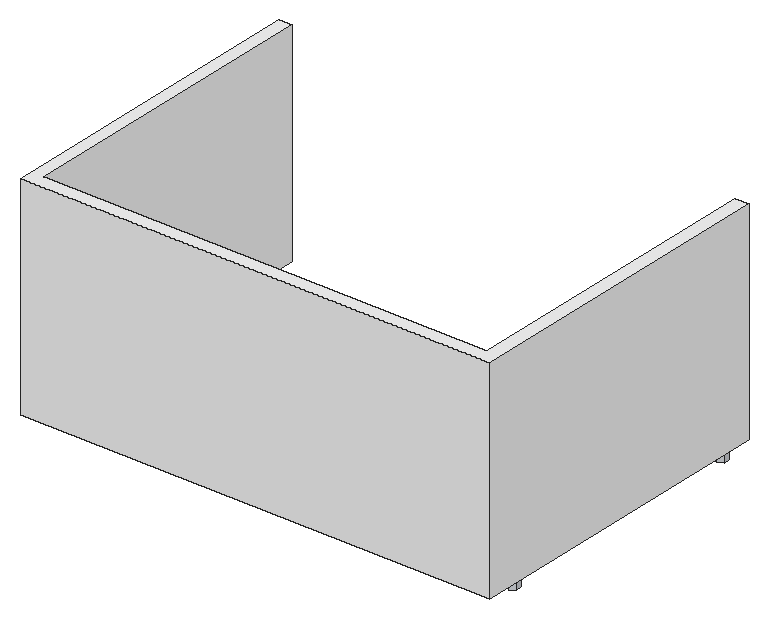
Revit family "WashbasinUnit-BoxFor60cmUnit-Vitra-İntegraSeries-65607", category Furniture Systems, host Face, Revit 2017
Family settings
  Host = Face
  Round Connector Dimension = Use Diameter
  Part Type = Normal
  OmniClass Number = 23.40.00.00
  OmniClass Title = Equipment and Furnishings
  Cut with Voids When Loaded = No
  Shared = Yes
  Room Calculation Point = No
Parameters (values of type "WashbasinUnit-BoxFor60cmUnit-Vitra-İntegraSeries-65585")
  Youtube = "https://www.youtube.com/user/VitrAglobal"
  Width(mm) = 564 mm
  Weight Net (kg) = "5,9"
  Warranty Period (Year) = "2"
  Uniformat II Description = "FURNISHINGS"
  Uniformat II Code = "E20"
  Uniclass 2015 Name = "Wash basins, sinks and troughs"
  Uniclass 2015 Code = "Pr_40_20_93"
  Uniclass 2.0 Description = "Bathroom Cabinets"
  Uniclass 1.4 Description = "Bathroom Cabinets"
  Uniclass 2.0 Code = "PR-35-75-08"
  Uniclass 1.4 Code = "L8241"
  URL = "https://vitraglobal.com/"
  UNSPSC Description = "Bathroom Cabinets"
  UNSPSC Code = "301815"
  Technical description = "http://cdn.vitra.com.tr/501-65585-2A.jpg"
  Tap hole Options (default) = ""
  Specification = ""
  Region South America = "All"
  Region Oceania = "All"
  Region North America = "All"
  Region Middle East = "All"
  Region Europe = "All"
  Region Asia = "All"
  Region Antarctica = "All"
  Region Africa = "All"
  Product url = ""
  Product group = "Washbasin Unit box"
  Product family = "İntegra"
  Product data url = "https://www.vitra-bad.fr/fr/produits-sanitaires/page-de-detail/product/integra-socle-pour-meuble-avec-plan-ceramique-portes-60-cm-blanc-haute-brillance.html"
  Product certification = "https://vitraglobal.com/catalogues/quality-certificates"
  Product SKU = "65585"
  Product Guid = ""
  Primary Material = White
  OmniClass Description = "Bathroom Cabinets"
  OmniClass Code = "23-31 25 13"
  Nominal width = "0.000"
  Nominal height = "0.000"
  NBS Referans Description = "Bathroom Cabinets"
  NBS Referans Code = "35-75-08"
  Model = "65585"
  Masterformat 2014 Description = "Bathroom Unit Modules"
  Masterformat 2014 Code = "13 42 13"
  Manufacturer name = "Vitra"
  Manufacturer = "Vitra"
  Installation instructions = ""
  IFC Classification = "Furniture"
  Height(mm) = 264.037 mm
  Design country = "Turkey"
  Description = "Box for 60cm unit"
  Depth(mm) = 388 mm
  Default Elevation = 0 mm
  Construction Type = "Floor Mounted"
  Color = "White"
  COBIe Type Category = ""
  BIMobject category = "Bathroom compound units"
  Article No. (default) = "65585"
  Accessories (default) = ""
Types (4, lengths in mm): name | Technical description | Product data url | Product SKU | Primary Material | Model | Color | Article No. (default)
  (no name) | "http://cdn.vitra.com.tr/501-65585-2A.jpg" | "https://www.vitra-bad.fr/fr/produits-sanitaires/page-de-detail/product/integra-socle-pour-meuble-avec-plan-ceramique-portes-60-cm-blanc-haute-brillance.html" | "65585" | White | "65585" | "White" | "65585"
  WashbasinUnit-BoxFor60cmUnit-Vitra-İntegraSeries-65607 | "http://cdn.vitra.com.tr/501-65607-2A.jpg" | "https://www.vitra-bad.fr/fr/produits-sanitaires/page-de-detail/product/integra-socle-pour-meuble-avec-plan-ceramique-portes-60-cm-chene-gris-naturel.html" | "65607" | natural gray oak | "65607" | "natural gray oak" | "65607"
  WashbasinUnit-BoxFor60cmUnit-Vitra-İntegraSeries-65586 | "http://cdn.vitra.com.tr/501-65586-2A.jpg" | "https://www.vitra-bad.fr/fr/produits-sanitaires/page-de-detail/product/integra-socle-pour-meuble-avec-plan-ceramique-portes-60-cm-anthracite-haute-brillance.html" | "65586" | Anthracite Gray | "65586" | "Anthracite Gray" | "65586"
  WashbasinUnit-BoxFor60cmUnit-Vitra-İntegraSeries-65585 | "http://cdn.vitra.com.tr/501-65585-2A.jpg" | "https://www.vitra-bad.fr/fr/produits-sanitaires/page-de-detail/product/integra-socle-pour-meuble-avec-plan-ceramique-portes-60-cm-blanc-haute-brillance.html" | "65585" | White | "65585" | "White" | "65585"
Reference planes
  plane 1 "Center (Front/Back)": y = 0
  plane 2: z = -0.016
  plane 3 "Center (Left/Right)": x = 0
  plane 4: x = -284.75
  plane 5: x = 279.25
  plane 6: y = 262
  plane 7: y = -126
  plane 8: z = 264.021
Forms (mm)
  Extrusion 1, solid, material "White" <- "Primary Material"
    sketch origin (-283.75, 76, 264.021) x (-1, 0, 0) y (0, -1, 0)
      loop
        line (-15, 186) -> (-15, -186) -> (1, -186) -> (1, 202) -> (-563, 202) -> (-563, -186) -> (-547, -186) -> (-547, 186) -> (-15, 186)
    from 0 to -254
  Extrusion 2, solid
    sketch origin (0, 0, -0.016) x (1, 0, 0) y (0, 1, 0)
      loop
        line (277.292, -83.534) -> (277.332, -76.535) -> (271.29, -73) -> (265.208, -76.466) -> (265.168, -83.465) -> (271.21, -87) -> (277.292, -83.534)
      loop
        line (277.332, 235.465) -> (271.29, 239) -> (265.208, 235.534) -> (265.168, 228.535) -> (271.21, 225) -> (277.292, 228.466) -> (277.332, 235.465)
      loop
        line (-270.754, 228.387) -> (-270.624, 235.386) -> (-276.619, 238.999) -> (-282.746, 235.613) -> (-282.876, 228.614) -> (-276.881, 225.001) -> (-270.754, 228.387)
      loop
        line (-270.754, -83.613) -> (-270.624, -76.614) -> (-276.619, -73.001) -> (-282.746, -76.387) -> (-282.876, -83.386) -> (-276.881, -86.999) -> (-270.754, -83.613)
    from 0 to 10.037
Dimensions and locks
  "Width(mm)": plane 4 to plane 5
  "Depth(mm)": plane 6 to plane 7
  "Height(mm)": plane 8 to host face
  locked: Extrusion 1 to Extrusion 1 at 16  (x3)
  aligned and locked: plane 2 to host face
  aligned and locked: level to host face
Automatic sketch dimensions
  host sketch curve to host sketch curve = 2438.4 mm  (x2)
  Extrusion 1 sketch curve to Extrusion 1 sketch curve = 16 mm  (x3)
  plane 5 to Extrusion 2 sketch curve = 8.04 mm
  plane 7 to Extrusion 2 sketch curve = 39 mm
  Extrusion 2 sketch curve to Extrusion 2 sketch curve = 6.042 mm  (x2)
  plane 5 to Extrusion 2 sketch curve = 1.958 mm  (x2)
  Extrusion 2 sketch curve to Extrusion 2 sketch curve = 3.465 mm  (x4)
  Extrusion 2 sketch curve to Extrusion 2 sketch curve = 3.534 mm  (x3)
  Extrusion 2 sketch curve to Extrusion 2 sketch curve = 0.04 mm  (x2)
  Extrusion 2 sketch curve to Extrusion 2 sketch curve = 7 mm  (x3)
  Extrusion 2 sketch curve to Extrusion 2 sketch curve = 6.082 mm  (x3)
  plane 5 to Extrusion 2 sketch curve = 1.918 mm  (x2)
  Extrusion 2 sketch curve to plane 6 = 33.534 mm
  Extrusion 2 sketch curve to plane 4 = 7.869 mm  (x2)
  Extrusion 2 sketch curve to plane 6 = 36.999 mm
  Extrusion 2 sketch curve to Extrusion 2 sketch curve = 6.126 mm  (x4)
  Extrusion 2 sketch curve to plane 4 = 1.874 mm  (x2)
  Extrusion 2 sketch curve to Extrusion 2 sketch curve = 3.386 mm  (x4)
  Extrusion 2 sketch curve to Extrusion 2 sketch curve = 3.613 mm  (x4)
  Extrusion 2 sketch curve to plane 4 = 2.004 mm  (x2)
  Extrusion 2 sketch curve to Extrusion 2 sketch curve = 6.999 mm  (x2)
  Extrusion 2 sketch curve to Extrusion 2 sketch curve = 5.996 mm  (x2)
  plane 7 to Extrusion 2 sketch curve = 39.001 mm
  Extrusion 1 sketch curve to plane 5 = 0 mm
  Extrusion 1 sketch curve to plane 6 = 0 mm  (x2)
  Extrusion 1 sketch curve to plane 4 = 0 mm
  Extrusion 1 sketch curve to plane 7 = 0 mm
